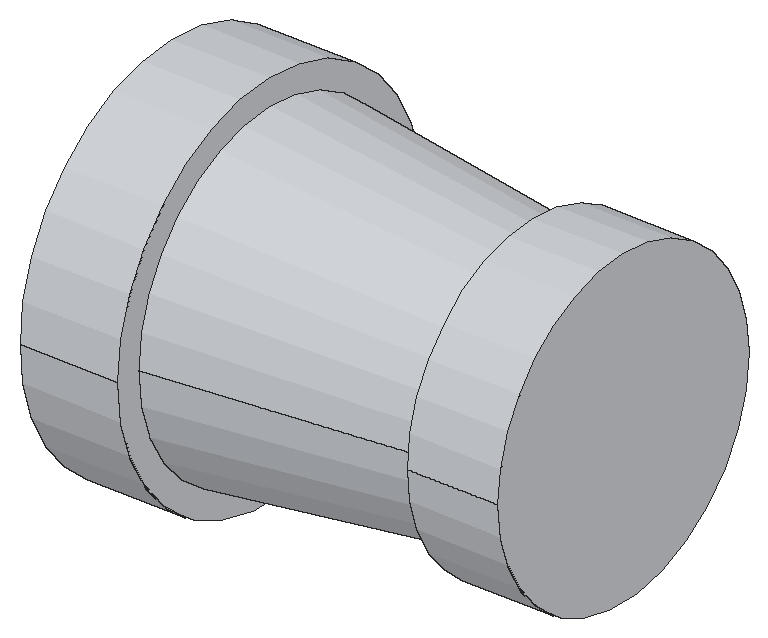
Revit family "M_Conexão de redução concêntrica - Rosqueada - MI - Classe 150", category Conexões de tubo, Revit 2019
Family settings
  Cota do conector redondo = Usar raio
  Tipo de parte = Transição
  Número OmniClass = 23.60.30.11.14
  Título OmniClass = Pipework Fittings
  ID de item do Seek = Coupling Concentric Reducing - Threaded - MI - Class 150-0000-CAN-ENU
  Com base no plano de trabalho = Não
  Sempre na vertical = Sim
  Corte com vazios quando carregada = Não
  Compartilhado = Não
Parameters (values of type "Padrão")
  Visibilidade 3 [instance] = Raio nominal 1 = Raio nominal 2  # no
  Visibilidade 2 [instance] = Raio nominal 1 < Raio nominal 2  # no
  Visibilidade 1 [instance] = Raio nominal 1 > Raio nominal 2  # yes
  Tamanho da marca de cota 2 [instance] = Diâmetro externo da conexão 2 * 0.4  # 5.952 mm
  Tamanho da marca de cota 1 [instance] = Diâmetro externo da conexão 1 * 0.4  # 7.408 mm
  Raio nominal 2 [instance] = 3 mm
  Diâmetro nominal 2 [instance] = Raio nominal 2 * 2  # 6 mm
  Espessura do Metal 2 [instance] = size_lookup(Nome da tabela de pesquisa, "MThk", 0.05 * Diâmetro nominal 2 + 2.084 mm, Diâmetro nominal 2)  # 2.29 mm
  Diâmetro nominal máximo 12 [instance] = if(Raio nominal 1 > Raio nominal 2, Diâmetro nominal 1, Diâmetro nominal 2)  # 8 mm
  Método de perda = Coeficiente K da tabela
  Nome da tabela de pesquisa = "M_Coupling Concentric Reducing - Threaded - MI - Class 150"
  Comprimento [instance] = size_lookup(Nome da tabela de pesquisa, "Lgt", 0.94 * Diâmetro nominal máximo 12 + 19.546 mm, Diâmetro nominal máximo 12)  # 25.4 mm
  Raio nominal 1 [instance] = 4 mm
  Diâmetro nominal 1 [instance] = Raio nominal 1 * 2  # 8 mm
  Espessura do Metal 1 [instance] = size_lookup(Nome da tabela de pesquisa, "MThk", 0.05 * Diâmetro nominal 1 + 2.084 mm, Diâmetro nominal 1)  # 2.41 mm
  Tabela de coeficiente K = "Transição de contração/alargamento"
  Raio externo da conexão 2 [instance] = Diâmetro externo da conexão 2 / 2  # 7.44 mm
  Raio externo da conexão 1 [instance] = Diâmetro externo da conexão 1 / 2  # 9.26 mm
  Diâmetro externo da conexão 2 [instance] = Diâmetro interno da conexão 2 + Espessura do Metal 2 * 2  # 14.88 mm
  Diâmetro externo da conexão 1 [instance] = Diâmetro interno da conexão 1 + Espessura do Metal 1 * 2  # 18.52 mm
  Diâmetro interno da conexão 2 [instance] = size_lookup(Nome da tabela de pesquisa, "FID", 1.07 * Diâmetro nominal 2 + 5.556 mm, Diâmetro nominal 2)  # 10.3 mm
  Diâmetro interno da conexão 1 [instance] = size_lookup(Nome da tabela de pesquisa, "FID", 1.07 * Diâmetro nominal 1 + 5.556 mm, Diâmetro nominal 1)  # 13.7 mm
  Largura da fita 2 [instance] = size_lookup(Nome da tabela de pesquisa, "BWid", 0.12 * Diâmetro nominal 2 + 4.564 mm, Diâmetro nominal 2)  # 5.1 mm
  Largura da fita 1 [instance] = size_lookup(Nome da tabela de pesquisa, "BWid", 0.12 * Diâmetro nominal 1 + 4.564 mm, Diâmetro nominal 1)  # 5.5 mm
  Raio externo da fita 2 [instance] = Diâmetro externo da fita 2 / 2  # 8.8 mm
  Raio externo da fita 1 [instance] = Diâmetro externo da fita 1 / 2  # 10.7 mm
  Diâmetro externo da fita 2 [instance] = size_lookup(Nome da tabela de pesquisa, "BOD", 1.23 * Diâmetro nominal 2 + 12.402 mm, Diâmetro nominal 2)  # 17.6 mm
  Diâmetro externo da fita 1 [instance] = size_lookup(Nome da tabela de pesquisa, "BOD", 1.23 * Diâmetro nominal 1 + 12.402 mm, Diâmetro nominal 1)  # 21.4 mm
  Largura do isolamento por fita 2 [instance] = if(Largura da fita 2 > Comprimento, Comprimento, Largura da fita 2)  # 5.1 mm
  Largura do isolamento por fita 1 [instance] = if(Largura da fita 1 > Comprimento, Comprimento, Largura da fita 1)  # 5.5 mm
Reference planes
  plane 1 "Centro (Frente/Trás)": y = 0
  plane 2: z = 0
  plane 3 "Centro (Esquerda/Direita)": x = 0
  plane 4: x = 5.5
  plane 5: x = 20.3
  plane 6: x = 25.4
  plane 7: x = 5.5
  plane 8: x = 20.3
Forms (mm)
  Extrusion 1, solid, detail levels fine
    sketch origin (0, 0, 0) x (0, 1, 0) y (0, 0, 1)
      loop
        circle (0, 0) r 10.7
    from 0 to 5.5
  Extrusion 2, solid, detail levels fine
    sketch origin (0, 0, 0) x (0, 1, 0) y (0, 0, 1)
      loop
        circle (0, 0) r 8.8
    from 20.3 to 25.4
  Blend 3, solid, detail levels fine
    base sketch origin (0, 0, 0) x (0, 1, 0) y (0, 0, 1)
      loop
        circle (0, 0) r 9.26
    top sketch origin (0, 0, 0) x (0, 1, 0) y (0, 0, 1)
      loop
        circle (0, 0) r 7.44
    from 5.5 to 20.3
Cuts and joins
  joined: Extrusion 1, Extrusion 2, Blend 3
Lines and regions (mm)
  model lines, visible <- "Visibilidade 3", detail levels coarse+medium
    curve 1: line (25.4, 0, 0) -> (0, 0, 0)
  model lines, detail levels coarse+medium
    curve 2: line (0, 7.408, 0) -> (0, -7.408, 0)
    curve 3: line (25.4, 5.952, 0) -> (25.4, -5.952, 0)
  model lines, visible <- "Visibilidade 1", detail levels coarse+medium
    curve 4: line (0, 7.408, 0) -> (25.4, 0, 0)
    curve 5: line (0, -7.408, 0) -> (25.4, 0, 0)
  model lines, visible <- "Visibilidade 2", detail levels coarse+medium
    curve 6: line (0, 0, 0) -> (25.4, 5.952, 0)
    curve 7: line (0, 0, 0) -> (25.4, -5.952, 0)
Dimensions and locks
  equal spacing: curve 2, plane 1 "Centro (Frente/Trás)", curve 2
  equal spacing: curve 3, plane 1 "Centro (Frente/Trás)", curve 3
  "Tamanho da marca de cota 1": plane 1 "Centro (Frente/Trás)" to curve 2
  "Tamanho da marca de cota 2": plane 1 "Centro (Frente/Trás)" to curve 3
  "Largura da fita 2": plane 5 to plane 6
  "Comprimento": plane 3 "Centro (Esquerda/Direita)" to plane 6
  "Largura da fita 1": plane 3 "Centro (Esquerda/Direita)" to plane 4
  "Largura do isolamento por fita 1": plane 3 "Centro (Esquerda/Direita)" to plane 7
  "Largura do isolamento por fita 2": plane 8 to plane 6
  "Raio externo da fita 1": radius of Extrusion 1 sketch curve
  "Raio externo da fita 2": radius of Extrusion 2 sketch curve
  "Raio externo da conexão 1": radius of Blend 3 sketch curve
  "Raio externo da conexão 2": radius of Blend 3 sketch curve
  aligned and locked: plane 2 to Extrusion 1 sketch curve
  aligned and locked: plane 1 "Centro (Frente/Trás)" to Extrusion 1 sketch curve
  aligned and locked: plane 1 "Centro (Frente/Trás)" to Extrusion 2 sketch curve
  aligned and locked: plane 2 to Extrusion 2 sketch curve
  aligned and locked: curve 1 to plane 1 "Centro (Frente/Trás)"
  aligned and locked: plane 1 "Centro (Frente/Trás)" to Blend 3 sketch curve  (x2)
  aligned and locked: plane 2 to Blend 3 sketch curve  (x2)
  aligned and locked: cut or joined group of Extrusion 1, Extrusion 2, Blend 3 to plane 6
  aligned and locked: plane 5 to cut or joined group of Extrusion 1, Extrusion 2, Blend 3
  aligned and locked: cut or joined group of Extrusion 1, Extrusion 2, Blend 3 to plane 5
  aligned and locked: plane 4 to cut or joined group of Extrusion 1, Extrusion 2, Blend 3
  aligned and locked: Extrusion 1 to plane 4
  aligned and locked: Extrusion 1 to plane 3 "Centro (Esquerda/Direita)"
  aligned and locked: curve 2 to plane 3 "Centro (Esquerda/Direita)"
  aligned and locked: plane 6 to curve 3
Connectors
  piping at (0, 0, 0), diameter 8, driven by "Raio nominal 1"
    settings: on Extrusion 1, index 1, connector inside diameter 8 mm, connector length 0 mm, flow factor 0, pipe flow 0.0 L/s, pressure drop 0.0 Pa, fitting loss kfactor 0, connector angle 0.00°, fixture units 0, engagement length 0 mm, angle of deflection 0.00°, flow configuration 0, flow direction 0, fitting loss method 0, system type 28, joint type 0, gender type 0, connector reference index 2, connector utility 0, adjustable connector no, is connector primary yes, connector description ""
  piping at (25.4, 0, 0), diameter 6, driven by "Raio nominal 2"
    settings: on Extrusion 2, index 2, connector inside diameter 6 mm, connector length 0 mm, flow factor 0, pipe flow 0.0 L/s, pressure drop 0.0 Pa, fitting loss kfactor 0, connector angle 0.00°, fixture units 0, engagement length 0 mm, angle of deflection 0.00°, flow configuration 0, flow direction 0, fitting loss method 0, system type 28, joint type 0, gender type 0, connector reference index 1, connector utility 0, adjustable connector no, is connector primary no, connector description ""
